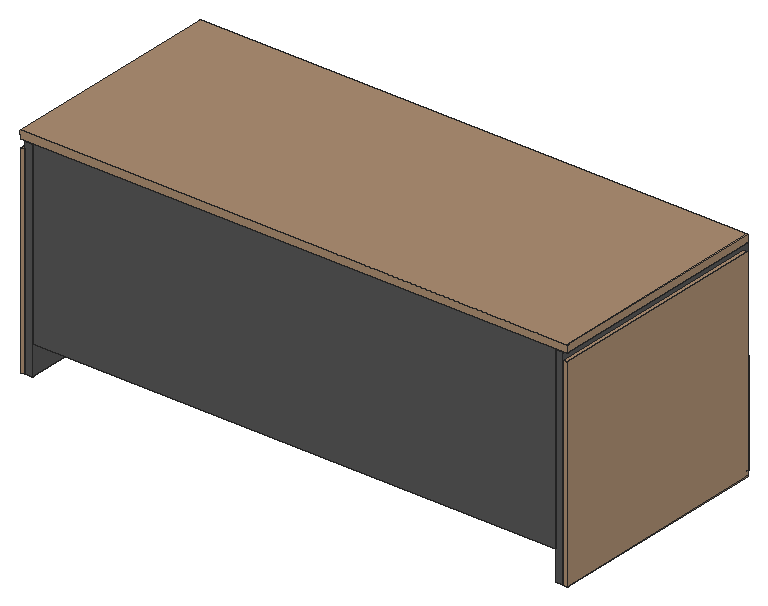
Revit family "Sanitary_Compound-Units_hansgrohe_54263XXX-Xilesa-E-Vanity-unit_1180-470_1-drawer_wash-basin", category Furniture, host Face, Revit 2022
Family settings
  Host = Face
  OmniClass Number = 23.21.19.15.33.13
  OmniClass Title = Residential Bathroom Specialty Casework
  Cut with Voids When Loaded = No
  Render Appearance Source = Family Geometry
  Shared = No
  Room Calculation Point = No
Parameters (values of type "550 Cashmere Oak")
  Version = 1  # constant formula
  URL = "https://www.hansgrohe.com/"
  Product data url = "https://www.bimobject.com/en/hansgrohe/product/54263XXX"
  Product Page URL = "https://www.hansgrohe.com/articledetail--54263550"
  Model = "54263XXX"  # constant formula
  Material 3 = Hansgrohe - Metal - Black
  Material 2 = Hansgrohe - MDF - Matt Black
  Material 1 = Hansgrohe - MDF - 550 Cashmere Oak
  Manufacturer = "Hansgrohe"  # constant formula
  Height = 0 mm
  Description = "Xilesa E Vanity unit 1180/470 with 1 drawer for wash basin"  # constant formula
  Default Elevation = 0 mm
  Date Updated = ""
  Date Created = "2024/02/03"  # constant formula
Types (5, lengths in mm): name | Material 1
  (no name) | Hansgrohe - MDF - 550 Cashmere Oak
  550 Cashmere Oak | Hansgrohe - MDF - 550 Cashmere Oak
  700 Matt White | Hansgrohe - MDF - 700 Matt White
  760 Slate Matt Grey | Hansgrohe - MDF - 760 Slate Matt Grey
  780 Sand Matt Beige | Hansgrohe - MDF - 780 Sand Matt Beige
Reference planes
  plane 1 "Center (Front/Back)": y = 0
  plane 2: z = 0
  plane 3 "Center (Left/Right)": x = 0
  plane 4: x = -590
  plane 5: x = 590
  plane 6: y = -500
  plane 7: z = 468
Dimensions and locks
  aligned and locked: plane 2 to host face
  aligned and locked: level to host face
Nested families
  nested 1: "54263XXX" at (0, -500, 0) x (1, 0, 0) z (0, 1, 0), Material 1 <- "Material 1", Material 2 <- "Material 2", Material 3 <- "Material 3", type "54263XXX"
    with Material 3 Hansgrohe - Metal - Black, Material 2 Hansgrohe - MDF - Matt Black, Material 1 Hansgrohe - MDF - 550 Cashmere Oak
Definition of nested family "54263XXX"
  Parameters (values of type "54263XXX")
    Version = 1  # constant formula
    URL = "https://www.hansgrohe.com/"
    Product data url = "https://www.bimobject.com/en/hansgrohe/product/54263XXX"
    Product Page URL = "https://www.hansgrohe.com/articledetail--54263550"
    Model = "54263XXX"  # constant formula
    Material 3 [instance] = none
    Material 2 [instance] = none
    Material 1 [instance] = none
    Manufacturer = "Hansgrohe"  # constant formula
    Description = "Xilesa E Vanity unit 1180/470 with 1 drawer for wash basin"  # constant formula
    Default Elevation = 1219.2 mm
    Date Updated = ""
    Date Created = "2024/12/16"  # constant formula
  Reference planes
    plane 1 "Center (Front/Back)": y = 0
    plane 2: z = 0
    plane 3 "Center (Left/Right)": x = 0
  Forms (mm)
    Extrusion 1, solid, material <- "Material 1", detail levels medium+fine
      sketch origin (0, 0, 0) x (1, 0, 0) y (0, 1, 0)
        loop
          line (-580.6, 0) -> (-589.2, 0)
          arc (-589.2, 0) -> (-589.766, -0.234) -> (-590, -0.8) r 0.8
          line (-590, -0.8) -> (-590, -433.9)
          arc (-590, -433.9) -> (-589.766, -434.466) -> (-589.2, -434.7) r 0.8
          line (-589.2, -434.7) -> (-580.6, -434.7)
          arc (-580.6, -434.7) -> (-580.034, -434.466) -> (-579.8, -433.9) r 0.8
          line (-579.8, -433.9) -> (-579.8, -0.8)
          arc (-579.8, -0.8) -> (-580.034, -0.234) -> (-580.6, 0) r 0.8
        loop
          arc (580.6, 0) -> (580.034, -0.234) -> (579.8, -0.8) r 0.8
          line (579.8, -0.8) -> (579.8, -433.9)
          arc (579.8, -433.9) -> (580.034, -434.466) -> (580.6, -434.7) r 0.8
          line (580.6, -434.7) -> (589.2, -434.7)
          arc (589.2, -434.7) -> (589.766, -434.466) -> (590, -433.9) r 0.8
          line (590, -433.9) -> (590, -0.8)
          arc (590, -0.8) -> (589.766, -0.234) -> (589.2, 0) r 0.8
          line (589.2, 0) -> (580.6, 0)
      from 0 to 485
    Extrusion 2, solid, material <- "Material 1", detail levels medium+fine
      sketch origin (0, -90, 0) x (1, 0, 0) y (0, 1, 0)
        loop
          line (-589.2, -378) -> (589.2, -378)
          arc (589.2, -378) -> (589.766, -377.766) -> (590, -377.2) r 0.8
          line (590, -377.2) -> (590, -362.5)
          arc (590, -362.5) -> (589.766, -361.934) -> (589.2, -361.7) r 0.8
          line (589.2, -361.7) -> (-589.2, -361.7)
          arc (-589.2, -361.7) -> (-589.766, -361.934) -> (-590, -362.5) r 0.8
          line (-590, -362.5) -> (-590, -377.2)
          arc (-590, -377.2) -> (-589.766, -377.766) -> (-589.2, -378) r 0.8
      from 0 to 485
    Extrusion 3, solid, material <- "Material 2", detail levels medium+fine
      sketch origin (0, 0, 0) x (1, 0, 0) y (0, 1, 0)
        loop
          line (-579.8, -0.8) -> (-579.8, -448.9)
          arc (-579.8, -448.9) -> (-579.566, -449.466) -> (-579, -449.7) r 0.8
          line (-579, -449.7) -> (-564.6, -449.7)
          arc (-564.6, -449.7) -> (-564.034, -449.466) -> (-563.8, -448.9) r 0.8
          line (-563.8, -448.9) -> (-563.8, -0.8)
          arc (-563.8, -0.8) -> (-564.034, -0.234) -> (-564.6, 0) r 0.8
          line (-564.6, 0) -> (-579, 0)
          arc (-579, 0) -> (-579.566, -0.234) -> (-579.8, -0.8) r 0.8
        loop
          arc (579.8, -0.8) -> (579.566, -0.234) -> (579, 0) r 0.8
          line (579, 0) -> (564.6, 0)
          arc (564.6, 0) -> (564.034, -0.234) -> (563.8, -0.8) r 0.8
          line (563.8, -0.8) -> (563.8, -448.9)
          arc (563.8, -448.9) -> (564.034, -449.466) -> (564.6, -449.7) r 0.8
          line (564.6, -449.7) -> (579, -449.7)
          arc (579, -449.7) -> (579.566, -449.466) -> (579.8, -448.9) r 0.8
          line (579.8, -448.9) -> (579.8, -0.8)
      from 0 to 500
    Extrusion 4, solid, material <- "Material 2", detail levels fine
      sketch origin (0, 0, 0) x (1, 0, 0) y (0, 1, 0)
        loop
          line (-563.8, -65.2) -> (-563.8, -81.2) -> (563.8, -81.2) -> (563.8, -65.2) -> (-563.8, -65.2)
      from 17 to 125
    Extrusion 5, solid, material <- "Material 2", detail levels fine
      sketch origin (0, 0, 0) x (1, 0, 0) y (0, 1, 0)
        loop
          line (-563.8, -64.7) -> (-563.8, -449.7) -> (563.8, -449.7) -> (563.8, -64.7) -> (-563.8, -64.7)
      from 1 to 17
    Extrusion 6, solid, material <- "Material 3", detail levels fine
      sketch origin (0, -90, 0) x (1, 0, 0) y (0, 1, 0)
        loop
          line (-562.3, -356.9) -> (-562.3, -329.2) -> (-563.8, -329.2) -> (-563.8, -356.9)
          arc (-563.8, -356.9) -> (-563.126, -358.527) -> (-561.5, -359.2) r 2.3
          line (-561.5, -359.2) -> (561.5, -359.2)
          arc (561.5, -359.2) -> (563.126, -358.527) -> (563.8, -356.9) r 2.3
          line (563.8, -356.9) -> (563.8, -329.2) -> (562.3, -329.2) -> (562.3, -356.9)
          arc (562.3, -356.9) -> (562.066, -357.466) -> (561.5, -357.7) r 0.8
          line (561.5, -357.7) -> (-561.5, -357.7)
          arc (-561.5, -357.7) -> (-562.066, -357.466) -> (-562.3, -356.9) r 0.8
      from 449.5 to 499.5
    Extrusion 7, solid, material <- "Material 3", detail levels fine
      sketch origin (0, 0, 1) x (1, 0, 0) y (0, 0, 1)
        loop
          line (552.091, 33.98) -> (552.091, 115.48) -> (533.591, 115.48) -> (532.786, 100.114) -> (530.22, 99.98) -> (527.791, 53.623)
          arc (527.791, 53.623) -> (526.271, 50.325) -> (522.898, 48.98) r 4.9
          line (522.898, 48.98) -> (522.898, 33.98) -> (552.091, 33.98)
        loop
          line (-552.091, 33.98) -> (-522.898, 33.98) -> (-522.898, 48.98)
          arc (-522.898, 48.98) -> (-526.271, 50.325) -> (-527.791, 53.623) r 4.9
          line (-527.791, 53.623) -> (-530.22, 99.98) -> (-532.786, 100.114) -> (-533.591, 115.48) -> (-552.091, 115.48) -> (-552.091, 33.98)
      from 109.4 to 451.7
    Extrusion 8, solid, material <- "Material 3", detail levels fine
      sketch origin (350, 0, 1) x (1, 0, 0) y (0, 0, 1)
        loop
          line (198.3, 213.03) -> (198.3, 231.03) -> (183.3, 231.03) -> (183.3, 224.03) -> (192.95, 224.03) -> (192.95, 213.03) -> (198.3, 213.03)
      from 88.7 to 362.7
    Extrusion 9, solid, material <- "Material 3", detail levels fine
      sketch origin (350, 0, 1) x (1, 0, 0) y (0, 0, 1)
        loop
          line (200.05, 211.28) -> (200.05, 232.78) -> (181.55, 232.78) -> (181.55, 211.28) -> (200.05, 211.28)
      from 451.7 to 362.7
    Extrusion 10, solid, material <- "Material 3", detail levels fine
      sketch origin (-50, 0, 1) x (1, 0, 0) y (0, 0, 1)
        loop
          line (-492.5, 223.8) -> (-492.5, 113.608) -> (-498.2, 97.947) -> (-498.2, 48) -> (-469.9, 48) -> (-469.9, 223.8) -> (-492.5, 223.8)
        loop
          line (592.5, 223.8) -> (569.9, 223.8) -> (569.9, 48) -> (598.2, 48) -> (598.2, 97.947) -> (592.5, 113.608) -> (592.5, 223.8)
      from 91.9 to 109.4
    Extrusion 11, void
      sketch origin (-50, 0, 1) x (1, 0, 0) y (0, 0, 1)
        loop
          line (-491.5, 222.8) -> (-491.5, 113.431) -> (-497.2, 97.771) -> (-497.2, 49) -> (-470.9, 49) -> (-470.9, 222.8) -> (-491.5, 222.8)
        loop
          line (591.5, 222.8) -> (570.9, 222.8) -> (570.9, 49) -> (597.2, 49) -> (597.2, 97.771) -> (591.5, 113.431) -> (591.5, 222.8)
      from 91.9 to 108.7
    Extrusion 12, solid, material <- "Material 2", detail levels fine
      sketch origin (0, 0, 1) x (0, 1, 0) y (0, 0, 1)
        loop
          line (-92.7, 32.5) -> (-92.7, 113.5)
          arc (-92.7, 113.5) -> (-92.847, 113.854) -> (-93.2, 114) r 0.5
          line (-93.2, 114) -> (-108.2, 114)
          arc (-108.2, 114) -> (-108.554, 113.854) -> (-108.7, 113.5) r 0.5
          line (-108.7, 113.5) -> (-108.7, 32.5)
          arc (-108.7, 32.5) -> (-108.554, 32.146) -> (-108.2, 32) r 0.5
          line (-108.2, 32) -> (-93.2, 32)
          arc (-93.2, 32) -> (-92.847, 32.146) -> (-92.7, 32.5) r 0.5
      from -520 to 520
    Extrusion 13, solid, material <- "Material 3", detail levels fine
      sketch origin (-350, 0, 1) x (-1, 0, 0) y (0, 0, -1)
        loop
          line (198.3, -213.03) -> (192.95, -213.03) -> (192.95, -224.03) -> (183.3, -224.03) -> (183.3, -231.03) -> (198.3, -231.03) -> (198.3, -213.03)
      from 88.7 to 362.7
    Extrusion 14, solid, material <- "Material 3", detail levels fine
      sketch origin (-350, 0, 1) x (-1, 0, 0) y (0, 0, -1)
        loop
          line (200.05, -211.28) -> (181.55, -211.28) -> (181.55, -232.78) -> (200.05, -232.78) -> (200.05, -211.28)
      from 451.7 to 362.7
    Extrusion 15, solid, material <- "Material 1", detail levels coarse
      sketch origin (0, 0, 0) x (1, 0, 0) y (0, 1, 0)
        loop
          line (-590, -468) -> (590, -468) -> (590, 0) -> (563.8, 0) -> (563.8, -451.7) -> (-563.8, -451.7) -> (-563.8, 0) -> (-590, 0) -> (-590, -468)
      from 0 to 500
    Extrusion 16, solid, material <- "Material 2", detail levels fine
      sketch origin (0, 0, 1) x (1, 0, 0) y (0, 0, 1)
        loop
          line (522.898, 48.98) -> (-522.898, 48.98) -> (-522.898, 33.98) -> (522.898, 33.98) -> (522.898, 48.98)
      from 109.4 to 451.7
  Cuts and joins
    Extrusion 11 cuts Extrusion 10
  Lines and regions (mm)
    Masking region 1
      outline origin (0, 0, 0) x (1, 0, 0) y (0, 1, 0)
        loop
          line (-590, -0.8) -> (-590, -433.9)
          arc (-590, -433.9) -> (-589.766, -434.466) -> (-589.2, -434.7) r 0.8
          line (-589.2, -434.7) -> (-580.6, -434.7)
          arc (-580.6, -434.7) -> (-580.034, -434.466) -> (-579.8, -433.9) r 0.8
          line (-579.8, -433.9) -> (-579.8, -451.7) -> (-589.2, -451.7)
          arc (-589.2, -451.7) -> (-589.766, -451.934) -> (-590, -452.5) r 0.8
          line (-590, -452.5) -> (-590, -467.2)
          arc (-590, -467.2) -> (-589.766, -467.766) -> (-589.2, -468) r 0.8
          line (-589.2, -468) -> (0, -468) -> (589.2, -468)
          arc (589.2, -468) -> (589.766, -467.766) -> (590, -467.2) r 0.8
          line (590, -467.2) -> (590, -452.5)
          arc (590, -452.5) -> (589.766, -451.934) -> (589.2, -451.7) r 0.8
          line (589.2, -451.7) -> (579.8, -451.7) -> (579.8, -433.9)
          arc (579.8, -433.9) -> (580.034, -434.466) -> (580.6, -434.7) r 0.8
          line (580.6, -434.7) -> (589.2, -434.7)
          arc (589.2, -434.7) -> (589.766, -434.466) -> (590, -433.9) r 0.8
          line (590, -433.9) -> (590, -0.8)
          arc (590, -0.8) -> (589.766, -0.234) -> (589.2, 0) r 0.8
          line (589.2, 0) -> (580.6, 0)
          arc (580.6, 0) -> (580.034, -0.234) -> (579.8, -0.8) r 0.8
          arc (579.8, -0.8) -> (579.566, -0.234) -> (579, 0) r 0.8
          line (579, 0) -> (564.6, 0)
          arc (564.6, 0) -> (564.034, -0.234) -> (563.8, -0.8) r 0.8
          line (563.8, -0.8) -> (563.8, -65.2) -> (0, -65.2) -> (-563.8, -65.2) -> (-563.8, -0.8)
          arc (-563.8, -0.8) -> (-564.034, -0.234) -> (-564.6, 0) r 0.8
          line (-564.6, 0) -> (-579, 0)
          arc (-579, 0) -> (-579.566, -0.234) -> (-579.8, -0.8) r 0.8
          arc (-579.8, -0.8) -> (-580.034, -0.234) -> (-580.6, 0) r 0.8
          line (-580.6, 0) -> (-589.2, 0)
          arc (-589.2, 0) -> (-589.766, -0.234) -> (-590, -0.8) r 0.8
    Masking region 2
      outline origin (0, 0, 0) x (0, 1, 0) y (0, 0, 1)
        loop
          line (-449.7, 500) -> (-449.7, 233.78) -> (-451.7, 233.78) -> (-451.7, 485) -> (-468, 485) -> (-468, 0) -> (-451.7, 0) -> (-451.7, 34.98) -> (-449.7, 34.98) -> (-449.7, 0) -> (0, 0) -> (0, 500) -> (-449.7, 500)
    Masking region 3
      outline origin (0, 0, 0) x (1, 0, 0) y (0, 0, 1)
        loop
          line (-590, 485) -> (-590, 0) -> (50, 0) -> (590, 0) -> (590, 485) -> (579.8, 485) -> (579.8, 500) -> (50, 500) -> (-579.8, 500) -> (-579.8, 485) -> (-590, 485)
    symbolic lines, detail levels medium+fine
      curve 1: line (-579.8, -451.7, 0) -> (0, -451.7, 0)
      curve 2: line (-563.8, -65.2, 0) -> (-563.8, -451.7, 0)
      curve 3: line (-579.8, -0.8, 0) -> (-579.8, -433.9, 0)
      curve 4: line (-563.8, -81.2, 0) -> (0, -81.2, 0)
      curve 25: line (579.8, -451.7, 0) -> (0, -451.7, 0)
      curve 26: line (563.8, -65.2, 0) -> (563.8, -451.7, 0)
      curve 27: line (579.8, -0.8, 0) -> (579.8, -433.9, 0)
      curve 28: line (563.8, -81.2, 0) -> (0, -81.2, 0)
      curve 49: line (0, -451.7, 34.98) -> (0, -451.7, 233.78)
      curve 50: line (0, -449.7, 233.78) -> (0, -449.7, 34.98)
      curve 53: line (0, -451.7, 211.28) -> (0, -449.7, 211.28)
      curve 54: line (0, -451.7, 116.48) -> (0, -449.7, 116.48)
      curve 55: line (-579.8, 0, 485) -> (579.8, 0, 485)
      curve 56: line (-563.8, 0, 500) -> (-563.8, 0, 485)
      curve 57: line (563.8, 0, 500) -> (563.8, 0, 485)
    symbolic lines, detail levels fine
      curve 5: line (-552.091, -81.2, 0) -> (-552.091, -447.7, 0)
      curve 6: line (-530.22, -81.2, 0) -> (-530.22, -91.9, 0)
      curve 7: line (0, -91.9, 0) -> (-533.3, -91.9, 0)
      curve 8: line (-533.3, -109.4, 0) -> (0, -109.4, 0)
      curve 9: line (-548.3, -88.7, 0) -> (-548.3, -361.7, 0)
      curve 10: line (-533.3, -88.7, 0) -> (-548.3, -88.7, 0)
      curve 11: line (-550.05, -361.7, 0) -> (-550.05, -447.7, 0)
      curve 12: line (-550.05, -361.7, 0) -> (-531.55, -361.7, 0)
      curve 13: line (-531.55, -361.7, 0) -> (-531.55, -447.7, 0)
      curve 14: line (0, -447.7, 0) -> (-561.5, -447.7, 0)
      curve 15: arc (-561.5, -447.7, 0) -> (-562.066, -447.466, 0) -> (-562.3, -446.9, 0) r 0.8
      curve 16: line (-562.3, -446.9, 0) -> (-562.3, -419.2, 0)
      curve 17: line (-562.3, -419.2, 0) -> (-563.8, -419.2, 0)
      curve 18: arc (-563.8, -446.9, 0) -> (-563.126, -448.527, 0) -> (-561.5, -449.2, 0) r 2.3
      curve 19: line (-561.5, -449.2, 0) -> (0, -449.2, 0)
      curve 20: line (-552.091, -449.2, 0) -> (-552.091, -451.7, 0)
      curve 21: line (-550.05, -449.2, 0) -> (-550.05, -451.7, 0)
      curve 22: line (-533.3, -361.7, 0) -> (-533.3, -88.7, 0)
      curve 23: line (-531.55, -449.2, 0) -> (-531.55, -451.7, 0)
      curve 24: line (-530.22, -449.2, 0) -> (-530.22, -451.7, 0)
      curve 29: line (552.091, -81.2, 0) -> (552.091, -447.7, 0)
      curve 30: line (530.22, -81.2, 0) -> (530.22, -91.9, 0)
      curve 31: line (0, -91.9, 0) -> (533.3, -91.9, 0)
      curve 32: line (533.3, -109.4, 0) -> (0, -109.4, 0)
      curve 33: line (548.3, -88.7, 0) -> (548.3, -361.7, 0)
      curve 34: line (533.3, -88.7, 0) -> (548.3, -88.7, 0)
      curve 35: line (550.05, -361.7, 0) -> (550.05, -447.7, 0)
      curve 36: line (550.05, -361.7, 0) -> (531.55, -361.7, 0)
      curve 37: line (531.55, -361.7, 0) -> (531.55, -447.7, 0)
      curve 38: line (0, -447.7, 0) -> (561.5, -447.7, 0)
      curve 39: arc (561.5, -447.7, 0) -> (562.066, -447.466, 0) -> (562.3, -446.9, 0) r 0.8
      curve 40: line (562.3, -446.9, 0) -> (562.3, -419.2, 0)
      curve 41: line (562.3, -419.2, 0) -> (563.8, -419.2, 0)
      curve 42: arc (563.8, -446.9, 0) -> (563.126, -448.527, 0) -> (561.5, -449.2, 0) r 2.3
      curve 43: line (561.5, -449.2, 0) -> (0, -449.2, 0)
      curve 44: line (552.091, -449.2, 0) -> (552.091, -451.7, 0)
      curve 45: line (550.05, -449.2, 0) -> (550.05, -451.7, 0)
      curve 46: line (533.3, -361.7, 0) -> (533.3, -88.7, 0)
      curve 47: line (531.55, -449.2, 0) -> (531.55, -451.7, 0)
      curve 48: line (530.22, -449.2, 0) -> (530.22, -451.7, 0)
      curve 51: line (0, 0, 485) -> (0, -434.7, 485)
      curve 52: line (0, -434.7, 485) -> (0, -434.7, 0)
      curve 58: line (-530.22, -109.4, 0) -> (-530.22, -447.7, 0)
      curve 59: line (530.22, -109.4, 0) -> (530.22, -447.7, 0)
  Dimensions and locks
    aligned and locked: level to plane 2
